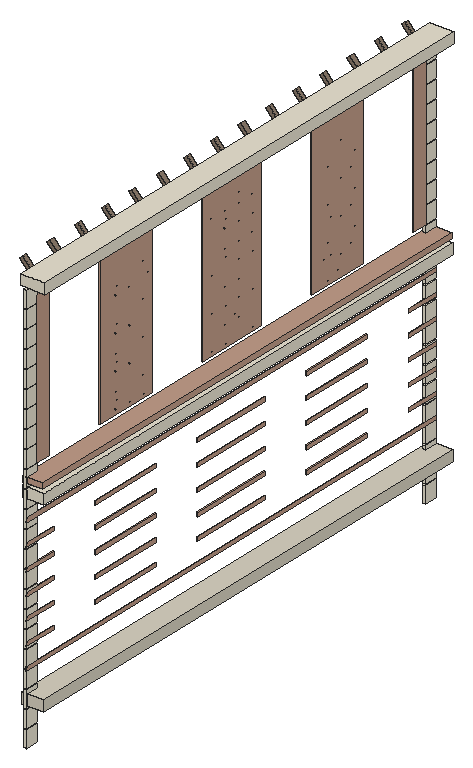
Revit family "AM_Detail_04_Hidden_side__HYPOTHESIS", category Generic Models, Revit 2025
Family settings
  Can host rebar = No
  Round Connector Dimension = Use Diameter
  Part Type = Normal
  Work Plane-Based = No
  Always vertical = Yes
  Cut with Voids When Loaded = No
  Maintain Annotation Orientation = No
  Shared = No
  Room Calculation Point = No
Parameters (values of type "Original geometry")
  Description = "AM v1.0.0 architectural ornament. Editable native extrusion sketches; fixed photographic geometry. Not a structural wall/window/roof substitute."
  Default Elevation = 0 mm
Reference planes
  plane 1 "Center (Front/Back)": y = 0
  plane 2: z = 0
  plane 3 "Center (Left/Right)": x = 0
Forms (mm)
  Extrusion 1, solid, material "AM Warm limestone - fine pores"
    sketch origin (-7110, 6000, 1025) x (1, 0, 0) y (0, 1, 0)
      loop
        line (0, 0) -> (-0.001, -12000) -> (499.999, -12000) -> (500, 0) -> (0, 0)
    from 0 to 250
  Extrusion 2, solid, material "AM Ivory carved stone"
    sketch origin (-7105, 6000, 5380) x (1, 0, 0) y (0, 1, 0)
      loop
        line (0, 0) -> (0, -12000) -> (490, -12000) -> (490, 0) -> (0, 0)
    from 0 to 240
  Extrusion 3, solid, material "AM Faded terracotta masonry"
    sketch origin (-7090, 6000, 5705) x (1, 0, 0) y (0, 1, 0)
      loop
        line (0, 0) -> (-0.001, -12000) -> (459.999, -12000) -> (460, 0) -> (0, 0)
    from 0 to 130
  Extrusion 4, solid, material "AM Ivory carved stone"
    sketch origin (-7135, 6000, 9815) x (1, 0, 0) y (0, 1, 0)
      loop
        line (0, 0) -> (0, -12000) -> (549.999, -12000) -> (550, 0) -> (0, 0)
    from 0 to 250
  Extrusion 5, solid, material "AM Faded terracotta masonry"
    sketch origin (-7022, 6000, 1757.5) x (1, 0, 0) y (0, 1, 0)
      loop
        line (0, 0) -> (0, -12000) -> (20, -12000) -> (20, 0) -> (0, 0)
    from 0 to 85
  Extrusion 6, solid, material "AM Faded terracotta masonry"
    sketch origin (-7022, 6000, 2277.5) x (1, 0, 0) y (0, 1, 0)
      loop
        line (0, 0) -> (0, -780) -> (20, -780) -> (20, 0) -> (0, 0)
    from 0 to 85
  Extrusion 7, solid, material "AM Faded terracotta masonry"
    sketch origin (-7022, 3980, 2277.5) x (1, 0, 0) y (0, 1, 0)
      loop
        line (0, 0) -> (0, -1760) -> (20, -1760) -> (20, 0) -> (0, 0)
    from 0 to 85
  Extrusion 8, solid, material "AM Faded terracotta masonry"
    sketch origin (-7022, 980, 2277.5) x (1, 0, 0) y (0, 1, 0)
      loop
        line (0, 0) -> (0, -1960) -> (20, -1960) -> (20, 0) -> (0, 0)
    from 0 to 85
  Extrusion 9, solid, material "AM Faded terracotta masonry"
    sketch origin (-7022, -2220, 2277.5) x (1, 0, 0) y (0, 1, 0)
      loop
        line (0, 0) -> (0, -1760) -> (20, -1760) -> (20, 0) -> (0, 0)
    from 0 to 85
  Extrusion 10, solid, material "AM Faded terracotta masonry"
    sketch origin (-7022, -5220, 2277.5) x (1, 0, 0) y (0, 1, 0)
      loop
        line (0, 0) -> (0, -780) -> (20, -780) -> (20, 0) -> (0, 0)
    from 0 to 85
  Extrusion 11, solid, material "AM Faded terracotta masonry"
    sketch origin (-7022, 6000, 2797.5) x (1, 0, 0) y (0, 1, 0)
      loop
        line (0, 0) -> (0, -780) -> (20, -780) -> (20, 0) -> (0, 0)
    from 0 to 85
  Extrusion 12, solid, material "AM Faded terracotta masonry"
    sketch origin (-7022, 3980, 2797.5) x (1, 0, 0) y (0, 1, 0)
      loop
        line (0, 0) -> (0, -1760) -> (20, -1760) -> (20, 0) -> (0, 0)
    from 0 to 85
  Extrusion 13, solid, material "AM Faded terracotta masonry"
    sketch origin (-7022, 980, 2797.5) x (1, 0, 0) y (0, 1, 0)
      loop
        line (0, 0) -> (0, -1960) -> (20, -1960) -> (20, 0) -> (0, 0)
    from 0 to 85
  Extrusion 14, solid, material "AM Faded terracotta masonry"
    sketch origin (-7022, -2220, 2797.5) x (1, 0, 0) y (0, 1, 0)
      loop
        line (0, 0) -> (0, -1760) -> (20, -1760) -> (20, 0) -> (0, 0)
    from 0 to 85
  Extrusion 15, solid, material "AM Faded terracotta masonry"
    sketch origin (-7022, -5220, 2797.5) x (1, 0, 0) y (0, 1, 0)
      loop
        line (0, 0) -> (0, -780) -> (20, -780) -> (20, 0) -> (0, 0)
    from 0 to 85
  Extrusion 16, solid, material "AM Faded terracotta masonry"
    sketch origin (-7022, 6000, 3317.5) x (1, 0, 0) y (0, 1, 0)
      loop
        line (0, 0) -> (0, -780) -> (20, -780) -> (20, 0) -> (0, 0)
    from 0 to 85
  Extrusion 17, solid, material "AM Faded terracotta masonry"
    sketch origin (-7022, 3980, 3317.5) x (1, 0, 0) y (0, 1, 0)
      loop
        line (0, 0) -> (0, -1760) -> (20, -1760) -> (20, 0) -> (0, 0)
    from 0 to 85
  Extrusion 18, solid, material "AM Faded terracotta masonry"
    sketch origin (-7022, 980, 3317.5) x (1, 0, 0) y (0, 1, 0)
      loop
        line (0, 0) -> (0, -1960) -> (20, -1960) -> (20, 0) -> (0, 0)
    from 0 to 85
  Extrusion 19, solid, material "AM Faded terracotta masonry"
    sketch origin (-7022, -2220, 3317.5) x (1, 0, 0) y (0, 1, 0)
      loop
        line (0, 0) -> (0, -1760) -> (20, -1760) -> (20, 0) -> (0, 0)
    from 0 to 85
  Extrusion 20, solid, material "AM Faded terracotta masonry"
    sketch origin (-7022, -5220, 3317.5) x (1, 0, 0) y (0, 1, 0)
      loop
        line (0, 0) -> (0, -780) -> (20, -780) -> (20, 0) -> (0, 0)
    from 0 to 85
  Extrusion 21, solid, material "AM Faded terracotta masonry"
    sketch origin (-7022, 6000, 3837.5) x (1, 0, 0) y (0, 1, 0)
      loop
        line (0, 0) -> (0, -780) -> (20, -780) -> (20, 0) -> (0, 0)
    from 0 to 85
  Extrusion 22, solid, material "AM Faded terracotta masonry"
    sketch origin (-7022, 3980, 3837.5) x (1, 0, 0) y (0, 1, 0)
      loop
        line (0, 0) -> (0, -1760) -> (20, -1760) -> (20, 0) -> (0, 0)
    from 0 to 85
  Extrusion 23, solid, material "AM Faded terracotta masonry"
    sketch origin (-7022, 980, 3837.5) x (1, 0, 0) y (0, 1, 0)
      loop
        line (0, 0) -> (0, -1960) -> (20, -1960) -> (20, 0) -> (0, 0)
    from 0 to 85
  Extrusion 24, solid, material "AM Faded terracotta masonry"
    sketch origin (-7022, -2220, 3837.5) x (1, 0, 0) y (0, 1, 0)
      loop
        line (0, 0) -> (0, -1760) -> (20, -1760) -> (20, 0) -> (0, 0)
    from 0 to 85
  Extrusion 25, solid, material "AM Faded terracotta masonry"
    sketch origin (-7022, -5220, 3837.5) x (1, 0, 0) y (0, 1, 0)
      loop
        line (0, 0) -> (0, -780) -> (20, -780) -> (20, 0) -> (0, 0)
    from 0 to 85
  Extrusion 26, solid, material "AM Faded terracotta masonry"
    sketch origin (-7022, 6000, 4357.5) x (1, 0, 0) y (0, 1, 0)
      loop
        line (0, 0) -> (0, -780) -> (20, -780) -> (20, 0) -> (0, 0)
    from 0 to 85
  Extrusion 27, solid, material "AM Faded terracotta masonry"
    sketch origin (-7022, 3980, 4357.5) x (1, 0, 0) y (0, 1, 0)
      loop
        line (0, 0) -> (0, -1760) -> (20, -1760) -> (20, 0) -> (0, 0)
    from 0 to 85
  Extrusion 28, solid, material "AM Faded terracotta masonry"
    sketch origin (-7022, 980, 4357.5) x (1, 0, 0) y (0, 1, 0)
      loop
        line (0, 0) -> (0, -1960) -> (20, -1960) -> (20, 0) -> (0, 0)
    from 0 to 85
  Extrusion 29, solid, material "AM Faded terracotta masonry"
    sketch origin (-7022, -2220, 4357.5) x (1, 0, 0) y (0, 1, 0)
      loop
        line (0, 0) -> (0, -1760) -> (20, -1760) -> (20, 0) -> (0, 0)
    from 0 to 85
  Extrusion 30, solid, material "AM Faded terracotta masonry"
    sketch origin (-7022, -5220, 4357.5) x (1, 0, 0) y (0, 1, 0)
      loop
        line (0, 0) -> (0, -780) -> (20, -780) -> (20, 0) -> (0, 0)
    from 0 to 85
  Extrusion 31, solid, material "AM Faded terracotta masonry"
    sketch origin (-7022, 6000, 4877.5) x (1, 0, 0) y (0, 1, 0)
      loop
        line (0, 0) -> (0, -12000) -> (20, -12000) -> (20, 0) -> (0, 0)
    from 0 to 85
  Extrusion 32, solid, material "AM Ivory carved stone"
    sketch origin (-7065, 6000, 125) x (1, 0, 0) y (0, 1, 0)
      loop
        line (0, 0) -> (0, -300) -> (60, -300) -> (60, 0) -> (0, 0)
    from 0 to 390
  Extrusion 33, solid, material "AM Ivory carved stone"
    sketch origin (-7065, 6000, 545) x (1, 0, 0) y (0, 1, 0)
      loop
        line (0, 0) -> (0, -300) -> (60, -300) -> (60, 0) -> (0, 0)
    from 0 to 390
  Extrusion 34, solid, material "AM Ivory carved stone"
    sketch origin (-7065, 6000, 965) x (1, 0, 0) y (0, 1, 0)
      loop
        line (0, 0) -> (0, -300) -> (60, -300) -> (60, 0) -> (0, 0)
    from 0 to 390
  Extrusion 35, solid, material "AM Ivory carved stone"
    sketch origin (-7065, 6000, 1385) x (1, 0, 0) y (0, 1, 0)
      loop
        line (0, 0) -> (0, -300) -> (60, -300) -> (60, 0) -> (0, 0)
    from 0 to 390
  Extrusion 36, solid, material "AM Ivory carved stone"
    sketch origin (-7065, 6000, 1805) x (1, 0, 0) y (0, 1, 0)
      loop
        line (0, 0) -> (0, -300) -> (60, -300) -> (60, 0) -> (0, 0)
    from 0 to 390
  Extrusion 37, solid, material "AM Ivory carved stone"
    sketch origin (-7065, 6000, 2225) x (1, 0, 0) y (0, 1, 0)
      loop
        line (0, 0) -> (0, -300) -> (60, -300) -> (60, 0) -> (0, 0)
    from 0 to 390
  Extrusion 38, solid, material "AM Ivory carved stone"
    sketch origin (-7065, 6000, 2645) x (1, 0, 0) y (0, 1, 0)
      loop
        line (0, 0) -> (0, -300) -> (60, -300) -> (60, 0) -> (0, 0)
    from 0 to 390
  Extrusion 39, solid, material "AM Ivory carved stone"
    sketch origin (-7065, 6000, 3065) x (1, 0, 0) y (0, 1, 0)
      loop
        line (0, 0) -> (0, -300) -> (60, -300) -> (60, 0) -> (0, 0)
    from 0 to 390
  Extrusion 40, solid, material "AM Ivory carved stone"
    sketch origin (-7065, 6000, 3485) x (1, 0, 0) y (0, 1, 0)
      loop
        line (0, 0) -> (0, -300) -> (60, -300) -> (60, 0) -> (0, 0)
    from 0 to 390
  Extrusion 41, solid, material "AM Ivory carved stone"
    sketch origin (-7065, 6000, 3905) x (1, 0, 0) y (0, 1, 0)
      loop
        line (0, 0) -> (0, -300) -> (60, -300) -> (60, 0) -> (0, 0)
    from 0 to 390
  Extrusion 42, solid, material "AM Ivory carved stone"
    sketch origin (-7065, 6000, 4325) x (1, 0, 0) y (0, 1, 0)
      loop
        line (0, 0) -> (0, -300) -> (60, -300) -> (60, 0) -> (0, 0)
    from 0 to 390
  Extrusion 43, solid, material "AM Ivory carved stone"
    sketch origin (-7065, 6000, 4745) x (1, 0, 0) y (0, 1, 0)
      loop
        line (0, 0) -> (0, -300) -> (60, -300) -> (60, 0) -> (0, 0)
    from 0 to 390
  Extrusion 44, solid, material "AM Ivory carved stone"
    sketch origin (-7065, 6000, 5165) x (1, 0, 0) y (0, 1, 0)
      loop
        line (0, 0) -> (0, -300) -> (60, -300) -> (60, 0) -> (0, 0)
    from 0 to 390
  Extrusion 45, solid, material "AM Ivory carved stone"
    sketch origin (-7065, 6000, 5585) x (1, 0, 0) y (0, 1, 0)
      loop
        line (0, 0) -> (0, -300) -> (60, -300) -> (60, 0) -> (0, 0)
    from 0 to 390
  Extrusion 46, solid, material "AM Ivory carved stone"
    sketch origin (-7065, 6000, 6005) x (1, 0, 0) y (0, 1, 0)
      loop
        line (0, 0) -> (0, -300) -> (60, -300) -> (60, 0) -> (0, 0)
    from 0 to 390
  Extrusion 47, solid, material "AM Ivory carved stone"
    sketch origin (-7065, 6000, 6425) x (1, 0, 0) y (0, 1, 0)
      loop
        line (0, 0) -> (0, -300) -> (60, -300) -> (60, 0) -> (0, 0)
    from 0 to 390
  Extrusion 48, solid, material "AM Ivory carved stone"
    sketch origin (-7065, 6000, 6845) x (1, 0, 0) y (0, 1, 0)
      loop
        line (0, 0) -> (0, -300) -> (60, -300) -> (60, 0) -> (0, 0)
    from 0 to 390
  Extrusion 49, solid, material "AM Ivory carved stone"
    sketch origin (-7065, 6000, 7265) x (1, 0, 0) y (0, 1, 0)
      loop
        line (0, 0) -> (0, -300) -> (60, -300) -> (60, 0) -> (0, 0)
    from 0 to 390
  Extrusion 50, solid, material "AM Ivory carved stone"
    sketch origin (-7065, 6000, 7685) x (1, 0, 0) y (0, 1, 0)
      loop
        line (0, 0) -> (0, -300) -> (60, -300) -> (60, 0) -> (0, 0)
    from 0 to 390
  Extrusion 51, solid, material "AM Ivory carved stone"
    sketch origin (-7065, 6000, 8105) x (1, 0, 0) y (0, 1, 0)
      loop
        line (0, 0) -> (0, -300) -> (60, -300) -> (60, 0) -> (0, 0)
    from 0 to 389.999
  Extrusion 52, solid, material "AM Ivory carved stone"
    sketch origin (-7065, 6000, 8525.001) x (1, 0, 0) y (0, 1, 0)
      loop
        line (0, 0) -> (0, -300) -> (60, -300) -> (60, 0) -> (0, 0)
    from 0 to 389.999
  Extrusion 53, solid, material "AM Ivory carved stone"
    sketch origin (-7065, 6000, 8945.001) x (1, 0, 0) y (0, 1, 0)
      loop
        line (0, 0) -> (0, -300) -> (60, -300) -> (60, 0) -> (0, 0)
    from 0 to 389.999
  Extrusion 54, solid, material "AM Ivory carved stone"
    sketch origin (-7065, 6000, 9365.001) x (1, 0, 0) y (0, 1, 0)
      loop
        line (0, 0) -> (0, -300) -> (60, -300) -> (60, 0) -> (0, 0)
    from 0 to 389.999
  Extrusion 55, solid, material "AM Ivory carved stone"
    sketch origin (-7065, -5700, 125) x (1, 0, 0) y (0, 1, 0)
      loop
        line (0, 0) -> (0, -300) -> (60, -300) -> (60, 0) -> (0, 0)
    from 0 to 390
  Extrusion 56, solid, material "AM Ivory carved stone"
    sketch origin (-7065, -5700, 545) x (1, 0, 0) y (0, 1, 0)
      loop
        line (0, 0) -> (0, -300) -> (60, -300) -> (60, 0) -> (0, 0)
    from 0 to 390
  Extrusion 57, solid, material "AM Ivory carved stone"
    sketch origin (-7065, -5700, 965) x (1, 0, 0) y (0, 1, 0)
      loop
        line (0, 0) -> (0, -300) -> (60, -300) -> (60, 0) -> (0, 0)
    from 0 to 390
  Extrusion 58, solid, material "AM Ivory carved stone"
    sketch origin (-7065, -5700, 1385) x (1, 0, 0) y (0, 1, 0)
      loop
        line (0, 0) -> (0, -300) -> (60, -300) -> (60, 0) -> (0, 0)
    from 0 to 390
  Extrusion 59, solid, material "AM Ivory carved stone"
    sketch origin (-7065, -5700, 1805) x (1, 0, 0) y (0, 1, 0)
      loop
        line (0, 0) -> (0, -300) -> (60, -300) -> (60, 0) -> (0, 0)
    from 0 to 390
  Extrusion 60, solid, material "AM Ivory carved stone"
    sketch origin (-7065, -5700, 2225) x (1, 0, 0) y (0, 1, 0)
      loop
        line (0, 0) -> (0, -300) -> (60, -300) -> (60, 0) -> (0, 0)
    from 0 to 390
  Extrusion 61, solid, material "AM Ivory carved stone"
    sketch origin (-7065, -5700, 2645) x (1, 0, 0) y (0, 1, 0)
      loop
        line (0, 0) -> (0, -300) -> (60, -300) -> (60, 0) -> (0, 0)
    from 0 to 390
  Extrusion 62, solid, material "AM Ivory carved stone"
    sketch origin (-7065, -5700, 3065) x (1, 0, 0) y (0, 1, 0)
      loop
        line (0, 0) -> (0, -300) -> (60, -300) -> (60, 0) -> (0, 0)
    from 0 to 390
  Extrusion 63, solid, material "AM Ivory carved stone"
    sketch origin (-7065, -5700, 3485) x (1, 0, 0) y (0, 1, 0)
      loop
        line (0, 0) -> (0, -300) -> (60, -300) -> (60, 0) -> (0, 0)
    from 0 to 390
  Extrusion 64, solid, material "AM Ivory carved stone"
    sketch origin (-7065, -5700, 3905) x (1, 0, 0) y (0, 1, 0)
      loop
        line (0, 0) -> (0, -300) -> (60, -300) -> (60, 0) -> (0, 0)
    from 0 to 390
  Extrusion 65, solid, material "AM Ivory carved stone"
    sketch origin (-7065, -5700, 4325) x (1, 0, 0) y (0, 1, 0)
      loop
        line (0, 0) -> (0, -300) -> (60, -300) -> (60, 0) -> (0, 0)
    from 0 to 390
  Extrusion 66, solid, material "AM Ivory carved stone"
    sketch origin (-7065, -5700, 4745) x (1, 0, 0) y (0, 1, 0)
      loop
        line (0, 0) -> (0, -300) -> (60, -300) -> (60, 0) -> (0, 0)
    from 0 to 390
  Extrusion 67, solid, material "AM Ivory carved stone"
    sketch origin (-7065, -5700, 5165) x (1, 0, 0) y (0, 1, 0)
      loop
        line (0, 0) -> (0, -300) -> (60, -300) -> (60, 0) -> (0, 0)
    from 0 to 390
  Extrusion 68, solid, material "AM Ivory carved stone"
    sketch origin (-7065, -5700, 5585) x (1, 0, 0) y (0, 1, 0)
      loop
        line (0, 0) -> (0, -300) -> (60, -300) -> (60, 0) -> (0, 0)
    from 0 to 390
  Extrusion 69, solid, material "AM Ivory carved stone"
    sketch origin (-7065, -5700, 6005) x (1, 0, 0) y (0, 1, 0)
      loop
        line (0, 0) -> (0, -300) -> (60, -300) -> (60, 0) -> (0, 0)
    from 0 to 390
  Extrusion 70, solid, material "AM Ivory carved stone"
    sketch origin (-7065, -5700, 6425) x (1, 0, 0) y (0, 1, 0)
      loop
        line (0, 0) -> (0, -300) -> (60, -300) -> (60, 0) -> (0, 0)
    from 0 to 390
  Extrusion 71, solid, material "AM Ivory carved stone"
    sketch origin (-7065, -5700, 6845) x (1, 0, 0) y (0, 1, 0)
      loop
        line (0, 0) -> (0, -300) -> (60, -300) -> (60, 0) -> (0, 0)
    from 0 to 390
  Extrusion 72, solid, material "AM Ivory carved stone"
    sketch origin (-7065, -5700, 7265) x (1, 0, 0) y (0, 1, 0)
      loop
        line (0, 0) -> (0, -300) -> (60, -300) -> (60, 0) -> (0, 0)
    from 0 to 390
  Extrusion 73, solid, material "AM Ivory carved stone"
    sketch origin (-7065, -5700, 7685) x (1, 0, 0) y (0, 1, 0)
      loop
        line (0, 0) -> (0, -300) -> (60, -300) -> (60, 0) -> (0, 0)
    from 0 to 390
  Extrusion 74, solid, material "AM Ivory carved stone"
    sketch origin (-7065, -5700, 8105) x (1, 0, 0) y (0, 1, 0)
      loop
        line (0, 0) -> (0, -300) -> (60, -300) -> (60, 0) -> (0, 0)
    from 0 to 389.999
  Extrusion 75, solid, material "AM Ivory carved stone"
    sketch origin (-7065, -5700, 8525.001) x (1, 0, 0) y (0, 1, 0)
      loop
        line (0, 0) -> (0, -300) -> (60, -300) -> (60, 0) -> (0, 0)
    from 0 to 389.999
  Extrusion 76, solid, material "AM Ivory carved stone"
    sketch origin (-7065, -5700, 8945.001) x (1, 0, 0) y (0, 1, 0)
      loop
        line (0, 0) -> (0, -300) -> (60, -300) -> (60, 0) -> (0, 0)
    from 0 to 389.999
  Extrusion 77, solid, material "AM Ivory carved stone"
    sketch origin (-7065, -5700, 9365.001) x (1, 0, 0) y (0, 1, 0)
      loop
        line (0, 0) -> (0, -300) -> (60, -300) -> (60, 0) -> (0, 0)
    from 0 to 389.999
  Extrusion 78, solid, material "AM Aged chestnut timber"
    sketch origin (-7034.653, 5697.5, 9607.513) x (0.729542, 0, 0.683936) y (0, 1, 0)
      loop
        line (0, 0) -> (0, -95) -> (95, -95) -> (95, 0) -> (0, 0)
    from 0 to 657.951
  Extrusion 79, solid, material "AM Aged chestnut timber"
    sketch origin (-7034.653, 4897.5, 9607.513) x (0.729542, 0, 0.683936) y (0, 1, 0)
      loop
        line (0, 0) -> (0, -95) -> (95, -95) -> (95, 0) -> (0, 0)
    from 0 to 657.951
  Extrusion 80, solid, material "AM Aged chestnut timber"
    sketch origin (-7034.653, 4097.5, 9607.513) x (0.729542, 0, 0.683936) y (0, 1, 0)
      loop
        line (0, 0) -> (0, -95) -> (95, -95) -> (95, 0) -> (0, 0)
    from 0 to 657.951
  Extrusion 81, solid, material "AM Aged chestnut timber"
    sketch origin (-7034.653, 3297.5, 9607.513) x (0.729542, 0, 0.683936) y (0, 1, 0)
      loop
        line (0, 0) -> (0, -95) -> (95, -95) -> (95, 0) -> (0, 0)
    from 0 to 657.951
  Extrusion 82, solid, material "AM Aged chestnut timber"
    sketch origin (-7034.653, 2497.5, 9607.513) x (0.729542, 0, 0.683936) y (0, 1, 0)
      loop
        line (0, 0) -> (0, -95) -> (95, -95) -> (95, 0) -> (0, 0)
    from 0 to 657.951
  Extrusion 83, solid, material "AM Aged chestnut timber"
    sketch origin (-7034.653, 1697.5, 9607.513) x (0.729542, 0, 0.683936) y (0, 1, 0)
      loop
        line (0, 0) -> (0, -95) -> (95, -95) -> (95, 0) -> (0, 0)
    from 0 to 657.951
  Extrusion 84, solid, material "AM Aged chestnut timber"
    sketch origin (-7034.653, 897.5, 9607.513) x (0.729542, 0, 0.683936) y (0, 1, 0)
      loop
        line (0, 0) -> (0, -95) -> (95, -95) -> (95, 0) -> (0, 0)
    from 0 to 657.951
  Extrusion 85, solid, material "AM Aged chestnut timber"
    sketch origin (-7034.653, 97.5, 9607.513) x (0.729542, 0, 0.683936) y (0, 1, 0)
      loop
        line (0, 0) -> (0, -95) -> (95, -95) -> (95, 0) -> (0, 0)
    from 0 to 657.951
  Extrusion 86, solid, material "AM Aged chestnut timber"
    sketch origin (-7034.653, -702.5, 9607.513) x (0.729542, 0, 0.683936) y (0, 1, 0)
      loop
        line (0, 0) -> (0, -95) -> (95, -95) -> (95, 0) -> (0, 0)
    from 0 to 657.951
  Extrusion 87, solid, material "AM Aged chestnut timber"
    sketch origin (-7034.653, -1502.5, 9607.513) x (0.729542, 0, 0.683936) y (0, 1, 0)
      loop
        line (0, 0) -> (0, -95) -> (95, -95) -> (95, 0) -> (0, 0)
    from 0 to 657.951
  Extrusion 88, solid, material "AM Aged chestnut timber"
    sketch origin (-7034.653, -2302.5, 9607.513) x (0.729542, 0, 0.683936) y (0, 1, 0)
      loop
        line (0, 0) -> (0, -95) -> (95, -95) -> (95, 0) -> (0, 0)
    from 0 to 657.951
  Extrusion 89, solid, material "AM Aged chestnut timber"
    sketch origin (-7034.653, -3102.5, 9607.513) x (0.729542, 0, 0.683936) y (0, 1, 0)
      loop
        line (0, 0) -> (0, -95) -> (95, -95) -> (95, 0) -> (0, 0)
    from 0 to 657.951
  Extrusion 90, solid, material "AM Aged chestnut timber"
    sketch origin (-7034.653, -3902.5, 9607.513) x (0.729542, 0, 0.683936) y (0, 1, 0)
      loop
        line (0, 0) -> (0, -95) -> (95, -95) -> (95, 0) -> (0, 0)
    from 0 to 657.951
  Extrusion 91, solid, material "AM Aged chestnut timber"
    sketch origin (-7034.653, -4702.5, 9607.513) x (0.729542, 0, 0.683936) y (0, 1, 0)
      loop
        line (0, 0) -> (0, -95) -> (95, -95) -> (95, 0) -> (0, 0)
    from 0 to 657.951
  Extrusion 92, solid, material "AM Aged chestnut timber"
    sketch origin (-7034.653, -5502.5, 9607.513) x (0.729542, 0, 0.683936) y (0, 1, 0)
      loop
        line (0, 0) -> (0, -95) -> (95, -95) -> (95, 0) -> (0, 0)
    from 0 to 657.951
  Extrusion 93, solid, material "AM Faded terracotta masonry"
    sketch origin (-7022.5, 5700, 6000) x (1, 0, 0) y (0, 1, 0)
      loop
        line (0, 0) -> (0, -340) -> (25, -340) -> (25, 0) -> (0, 0)
    from 0 to 3550
  Extrusion 94, solid, material "AM Faded terracotta masonry"
    sketch origin (-7022.5, 3850, 6000) x (1, 0, 0) y (0, 1, 0)
      loop
        line (0, 0) -> (0, -1500) -> (25, -1500) -> (25, 0) -> (0, 0)
    from 0 to 3550
  Extrusion 95, solid, material "AM Ivory carved stone"
    sketch origin (-7031, 3650, 6385) x (0, 1, 0) y (0, 0, 1)
      loop
        line (0, 0) -> (-165, -165) -> (0, -330) -> (165, -165) -> (0, 0)
    from 0 to 9
  Extrusion 96, solid, material "AM Ivory carved stone"
    sketch origin (-7031, 3760, 6275) x (0, 1, 0) y (0, 0, 1)
      loop
        line (0, 0) -> (-55, -55) -> (0, -110) -> (55, -55) -> (0, 0)
    from 0 to 9
  Extrusion 97, solid, material "AM Ivory carved stone"
    sketch origin (-7031, 3540, 6275) x (0, 1, 0) y (0, 0, 1)
      loop
        line (0, 0) -> (-55, -55) -> (0, -110) -> (55, -55) -> (0, 0)
    from 0 to 9
  Extrusion 98, solid, material "AM Ivory carved stone"
    sketch origin (-7031, 3650, 6165) x (0, 1, 0) y (0, 0, 1)
      loop
        line (0, 0) -> (-55, -55) -> (0, -110) -> (55, -55) -> (0, 0)
    from 0 to 9
  Extrusion 99, solid, material "AM Ivory carved stone"
    sketch origin (-7031, 3650, 6385) x (0, 1, 0) y (0, 0, 1)
      loop
        line (0, 0) -> (-55, -55) -> (0, -110) -> (55, -55) -> (0, 0)
    from 0 to 9
  Extrusion 100, solid, material "AM Ivory carved stone"
    sketch origin (-7031, 3250, 6385) x (0, 1, 0) y (0, 0, 1)
      loop
        line (0, 0) -> (-165, -165) -> (0, -330) -> (165, -165) -> (0, 0)
    from 0 to 9
  Extrusion 101, solid, material "AM Ivory carved stone"
    sketch origin (-7031, 3360, 6275) x (0, 1, 0) y (0, 0, 1)
      loop
        line (0, 0) -> (-55, -55) -> (0, -110) -> (55, -55) -> (0, 0)
    from 0 to 9
  Extrusion 102, solid, material "AM Ivory carved stone"
    sketch origin (-7031, 3140, 6275) x (0, 1, 0) y (0, 0, 1)
      loop
        line (0, 0) -> (-55, -55) -> (0, -110) -> (55, -55) -> (0, 0)
    from 0 to 9
  Extrusion 103, solid, material "AM Ivory carved stone"
    sketch origin (-7031, 3250, 6165) x (0, 1, 0) y (0, 0, 1)
      loop
        line (0, 0) -> (-55, -55) -> (0, -110) -> (55, -55) -> (0, 0)
    from 0 to 9
  Extrusion 104, solid, material "AM Ivory carved stone"
    sketch origin (-7031, 3250, 6385) x (0, 1, 0) y (0, 0, 1)
      loop
        line (0, 0) -> (-55, -55) -> (0, -110) -> (55, -55) -> (0, 0)
    from 0 to 9
  Extrusion 105, solid, material "AM Ivory carved stone"
    sketch origin (-7031, 2850, 6385) x (0, 1, 0) y (0, 0, 1)
      loop
        line (0, 0) -> (-165, -165) -> (0, -330) -> (165, -165) -> (0, 0)
    from 0 to 9
  Extrusion 106, solid, material "AM Ivory carved stone"
    sketch origin (-7031, 2960, 6275) x (0, 1, 0) y (0, 0, 1)
      loop
        line (0, 0) -> (-55, -55) -> (0, -110) -> (55, -55) -> (0, 0)
    from 0 to 9
  Extrusion 107, solid, material "AM Ivory carved stone"
    sketch origin (-7031, 2740, 6275) x (0, 1, 0) y (0, 0, 1)
      loop
        line (0, 0) -> (-55, -55) -> (0, -110) -> (55, -55) -> (0, 0)
    from 0 to 9
  Extrusion 108, solid, material "AM Ivory carved stone"
    sketch origin (-7031, 2850, 6165) x (0, 1, 0) y (0, 0, 1)
      loop
        line (0, 0) -> (-55, -55) -> (0, -110) -> (55, -55) -> (0, 0)
    from 0 to 9
  Extrusion 109, solid, material "AM Ivory carved stone"
    sketch origin (-7031, 2850, 6385) x (0, 1, 0) y (0, 0, 1)
      loop
        line (0, 0) -> (-55, -55) -> (0, -110) -> (55, -55) -> (0, 0)
    from 0 to 9
  Extrusion 110, solid, material "AM Ivory carved stone"
    sketch origin (-7031, 3630, 6785) x (0, 1, 0) y (0, 0, 1)
      loop
        line (0, 0) -> (-165, -165) -> (0, -330) -> (165, -165) -> (0, 0)
    from 0 to 9
  Extrusion 111, solid, material "AM Ivory carved stone"
    sketch origin (-7031, 3740, 6675) x (0, 1, 0) y (0, 0, 1)
      loop
        line (0, 0) -> (-55, -55) -> (0, -110) -> (55, -55) -> (0, 0)
    from 0 to 9
  Extrusion 112, solid, material "AM Ivory carved stone"
    sketch origin (-7031, 3520, 6675) x (0, 1, 0) y (0, 0, 1)
      loop
        line (0, 0) -> (-55, -55) -> (0, -110) -> (55, -55) -> (0, 0)
    from 0 to 9
  Extrusion 113, solid, material "AM Ivory carved stone"
    sketch origin (-7031, 3630, 6565) x (0, 1, 0) y (0, 0, 1)
      loop
        line (0, 0) -> (-55, -55) -> (0, -110) -> (55, -55) -> (0, 0)
    from 0 to 9
  Extrusion 114, solid, material "AM Ivory carved stone"
    sketch origin (-7031, 3630, 6785) x (0, 1, 0) y (0, 0, 1)
      loop
        line (0, 0) -> (-55, -55) -> (0, -110) -> (55, -55) -> (0, 0)
    from 0 to 9
  Extrusion 115, solid, material "AM Ivory carved stone"
    sketch origin (-7031, 3230, 6785) x (0, 1, 0) y (0, 0, 1)
      loop
        line (0, 0) -> (-165, -165) -> (0, -330) -> (165, -165) -> (0, 0)
    from 0 to 9
  Extrusion 116, solid, material "AM Ivory carved stone"
    sketch origin (-7031, 3340, 6675) x (0, 1, 0) y (0, 0, 1)
      loop
        line (0, 0) -> (-55, -55) -> (0, -110) -> (55, -55) -> (0, 0)
    from 0 to 9
  Extrusion 117, solid, material "AM Ivory carved stone"
    sketch origin (-7031, 3120, 6675) x (0, 1, 0) y (0, 0, 1)
      loop
        line (0, 0) -> (-55, -55) -> (0, -110) -> (55, -55) -> (0, 0)
    from 0 to 9
  Extrusion 118, solid, material "AM Ivory carved stone"
    sketch origin (-7031, 3230, 6565) x (0, 1, 0) y (0, 0, 1)
      loop
        line (0, 0) -> (-55, -55) -> (0, -110) -> (55, -55) -> (0, 0)
    from 0 to 9
  Extrusion 119, solid, material "AM Ivory carved stone"
    sketch origin (-7031, 3230, 6785) x (0, 1, 0) y (0, 0, 1)
      loop
        line (0, 0) -> (-55, -55) -> (0, -110) -> (55, -55) -> (0, 0)
    from 0 to 9
  Extrusion 120, solid, material "AM Ivory carved stone"
    sketch origin (-7031, 2830, 6785) x (0, 1, 0) y (0, 0, 1)
      loop
        line (0, 0) -> (-165, -165) -> (0, -330) -> (165, -165) -> (0, 0)
    from 0 to 9
  Extrusion 121, solid, material "AM Ivory carved stone"
    sketch origin (-7031, 2940, 6675) x (0, 1, 0) y (0, 0, 1)
      loop
        line (0, 0) -> (-55, -55) -> (0, -110) -> (55, -55) -> (0, 0)
    from 0 to 9
  Extrusion 122, solid, material "AM Ivory carved stone"
    sketch origin (-7031, 2720, 6675) x (0, 1, 0) y (0, 0, 1)
      loop
        line (0, 0) -> (-55, -55) -> (0, -110) -> (55, -55) -> (0, 0)
    from 0 to 9
  Extrusion 123, solid, material "AM Ivory carved stone"
    sketch origin (-7031, 2830, 6565) x (0, 1, 0) y (0, 0, 1)
      loop
        line (0, 0) -> (-55, -55) -> (0, -110) -> (55, -55) -> (0, 0)
    from 0 to 9
  Extrusion 124, solid, material "AM Ivory carved stone"
    sketch origin (-7031, 2830, 6785) x (0, 1, 0) y (0, 0, 1)
      loop
        line (0, 0) -> (-55, -55) -> (0, -110) -> (55, -55) -> (0, 0)
    from 0 to 9
  Extrusion 125, solid, material "AM Ivory carved stone"
    sketch origin (-7031, 3650, 7185) x (0, 1, 0) y (0, 0, 1)
      loop
        line (0, 0) -> (-165, -165) -> (0, -330) -> (165, -165) -> (0, 0)
    from 0 to 9
  Extrusion 126, solid, material "AM Ivory carved stone"
    sketch origin (-7031, 3760, 7075) x (0, 1, 0) y (0, 0, 1)
      loop
        line (0, 0) -> (-55, -55) -> (0, -110) -> (55, -55) -> (0, 0)
    from 0 to 9
  Extrusion 127, solid, material "AM Ivory carved stone"
    sketch origin (-7031, 3540, 7075) x (0, 1, 0) y (0, 0, 1)
      loop
        line (0, 0) -> (-55, -55) -> (0, -110) -> (55, -55) -> (0, 0)
    from 0 to 9
  Extrusion 128, solid, material "AM Ivory carved stone"
    sketch origin (-7031, 3650, 6965) x (0, 1, 0) y (0, 0, 1)
      loop
        line (0, 0) -> (-55, -55) -> (0, -110) -> (55, -55) -> (0, 0)
    from 0 to 9
  Extrusion 129, solid, material "AM Ivory carved stone"
    sketch origin (-7031, 3650, 7185) x (0, 1, 0) y (0, 0, 1)
      loop
        line (0, 0) -> (-55, -55) -> (0, -110) -> (55, -55) -> (0, 0)
    from 0 to 9
  Extrusion 130, solid, material "AM Ivory carved stone"
    sketch origin (-7031, 3250, 7185) x (0, 1, 0) y (0, 0, 1)
      loop
        line (0, 0) -> (-165, -165) -> (0, -330) -> (165, -165) -> (0, 0)
    from 0 to 9
  Extrusion 131, solid, material "AM Ivory carved stone"
    sketch origin (-7031, 3360, 7075) x (0, 1, 0) y (0, 0, 1)
      loop
        line (0, 0) -> (-55, -55) -> (0, -110) -> (55, -55) -> (0, 0)
    from 0 to 9
  Extrusion 132, solid, material "AM Ivory carved stone"
    sketch origin (-7031, 3140, 7075) x (0, 1, 0) y (0, 0, 1)
      loop
        line (0, 0) -> (-55, -55) -> (0, -110) -> (55, -55) -> (0, 0)
    from 0 to 9
  Extrusion 133, solid, material "AM Ivory carved stone"
    sketch origin (-7031, 3250, 6965) x (0, 1, 0) y (0, 0, 1)
      loop
        line (0, 0) -> (-55, -55) -> (0, -110) -> (55, -55) -> (0, 0)
    from 0 to 9
  Extrusion 134, solid, material "AM Ivory carved stone"
    sketch origin (-7031, 3250, 7185) x (0, 1, 0) y (0, 0, 1)
      loop
        line (0, 0) -> (-55, -55) -> (0, -110) -> (55, -55) -> (0, 0)
    from 0 to 9
  Extrusion 135, solid, material "AM Ivory carved stone"
    sketch origin (-7031, 2850, 7185) x (0, 1, 0) y (0, 0, 1)
      loop
        line (0, 0) -> (-165, -165) -> (0, -330) -> (165, -165) -> (0, 0)
    from 0 to 9
  Extrusion 136, solid, material "AM Ivory carved stone"
    sketch origin (-7031, 2960, 7075) x (0, 1, 0) y (0, 0, 1)
      loop
        line (0, 0) -> (-55, -55) -> (0, -110) -> (55, -55) -> (0, 0)
    from 0 to 9
  Extrusion 137, solid, material "AM Ivory carved stone"
    sketch origin (-7031, 2740, 7075) x (0, 1, 0) y (0, 0, 1)
      loop
        line (0, 0) -> (-55, -55) -> (0, -110) -> (55, -55) -> (0, 0)
    from 0 to 9
  Extrusion 138, solid, material "AM Ivory carved stone"
    sketch origin (-7031, 2850, 6965) x (0, 1, 0) y (0, 0, 1)
      loop
        line (0, 0) -> (-55, -55) -> (0, -110) -> (55, -55) -> (0, 0)
    from 0 to 9
  Extrusion 139, solid, material "AM Ivory carved stone"
    sketch origin (-7031, 2850, 7185) x (0, 1, 0) y (0, 0, 1)
      loop
        line (0, 0) -> (-55, -55) -> (0, -110) -> (55, -55) -> (0, 0)
    from 0 to 9
  Extrusion 140, solid, material "AM Ivory carved stone"
    sketch origin (-7031, 3630, 7585) x (0, 1, 0) y (0, 0, 1)
      loop
        line (0, 0) -> (-165, -165) -> (0, -330) -> (165, -165) -> (0, 0)
    from 0 to 9
  Extrusion 141, solid, material "AM Ivory carved stone"
    sketch origin (-7031, 3740, 7475) x (0, 1, 0) y (0, 0, 1)
      loop
        line (0, 0) -> (-55, -55) -> (0, -110) -> (55, -55) -> (0, 0)
    from 0 to 9
  Extrusion 142, solid, material "AM Ivory carved stone"
    sketch origin (-7031, 3520, 7475) x (0, 1, 0) y (0, 0, 1)
      loop
        line (0, 0) -> (-55, -55) -> (0, -110) -> (55, -55) -> (0, 0)
    from 0 to 9
  Extrusion 143, solid, material "AM Ivory carved stone"
    sketch origin (-7031, 3630, 7365) x (0, 1, 0) y (0, 0, 1)
      loop
        line (0, 0) -> (-55, -55) -> (0, -110) -> (55, -55) -> (0, 0)
    from 0 to 9
  Extrusion 144, solid, material "AM Ivory carved stone"
    sketch origin (-7031, 3630, 7585) x (0, 1, 0) y (0, 0, 1)
      loop
        line (0, 0) -> (-55, -55) -> (0, -110) -> (55, -55) -> (0, 0)
    from 0 to 9
  Extrusion 145, solid, material "AM Ivory carved stone"
    sketch origin (-7031, 3230, 7585) x (0, 1, 0) y (0, 0, 1)
      loop
        line (0, 0) -> (-165, -165) -> (0, -330) -> (165, -165) -> (0, 0)
    from 0 to 9
  Extrusion 146, solid, material "AM Ivory carved stone"
    sketch origin (-7031, 3340, 7475) x (0, 1, 0) y (0, 0, 1)
      loop
        line (0, 0) -> (-55, -55) -> (0, -110) -> (55, -55) -> (0, 0)
    from 0 to 9
  Extrusion 147, solid, material "AM Ivory carved stone"
    sketch origin (-7031, 3120, 7475) x (0, 1, 0) y (0, 0, 1)
      loop
        line (0, 0) -> (-55, -55) -> (0, -110) -> (55, -55) -> (0, 0)
    from 0 to 9
  Extrusion 148, solid, material "AM Ivory carved stone"
    sketch origin (-7031, 3230, 7365) x (0, 1, 0) y (0, 0, 1)
      loop
        line (0, 0) -> (-55, -55) -> (0, -110) -> (55, -55) -> (0, 0)
    from 0 to 9
  Extrusion 149, solid, material "AM Ivory carved stone"
    sketch origin (-7031, 3230, 7585) x (0, 1, 0) y (0, 0, 1)
      loop
        line (0, 0) -> (-55, -55) -> (0, -110) -> (55, -55) -> (0, 0)
    from 0 to 9
  Extrusion 150, solid, material "AM Ivory carved stone"
    sketch origin (-7031, 2830, 7585) x (0, 1, 0) y (0, 0, 1)
      loop
        line (0, 0) -> (-165, -165) -> (0, -330) -> (165, -165) -> (0, 0)
    from 0 to 9
  Extrusion 151, solid, material "AM Ivory carved stone"
    sketch origin (-7031, 2940, 7475) x (0, 1, 0) y (0, 0, 1)
      loop
        line (0, 0) -> (-55, -55) -> (0, -110) -> (55, -55) -> (0, 0)
    from 0 to 9
  Extrusion 152, solid, material "AM Ivory carved stone"
    sketch origin (-7031, 2720, 7475) x (0, 1, 0) y (0, 0, 1)
      loop
        line (0, 0) -> (-55, -55) -> (0, -110) -> (55, -55) -> (0, 0)
    from 0 to 9
  Extrusion 153, solid, material "AM Ivory carved stone"
    sketch origin (-7031, 2830, 7365) x (0, 1, 0) y (0, 0, 1)
      loop
        line (0, 0) -> (-55, -55) -> (0, -110) -> (55, -55) -> (0, 0)
    from 0 to 9
  Extrusion 154, solid, material "AM Ivory carved stone"
    sketch origin (-7031, 2830, 7585) x (0, 1, 0) y (0, 0, 1)
      loop
        line (0, 0) -> (-55, -55) -> (0, -110) -> (55, -55) -> (0, 0)
    from 0 to 9
  Extrusion 155, solid, material "AM Ivory carved stone"
    sketch origin (-7031, 3650, 7985) x (0, 1, 0) y (0, 0, 1)
      loop
        line (0, 0) -> (-165, -165) -> (0, -330) -> (165, -165) -> (0, 0)
    from 0 to 9
  Extrusion 156, solid, material "AM Ivory carved stone"
    sketch origin (-7031, 3760, 7875) x (0, 1, 0) y (0, 0, 1)
      loop
        line (0, 0) -> (-55, -55) -> (0, -110) -> (55, -55) -> (0, 0)
    from 0 to 9
  Extrusion 157, solid, material "AM Ivory carved stone"
    sketch origin (-7031, 3540, 7875) x (0, 1, 0) y (0, 0, 1)
      loop
        line (0, 0) -> (-55, -55) -> (0, -110) -> (55, -55) -> (0, 0)
    from 0 to 9
  Extrusion 158, solid, material "AM Ivory carved stone"
    sketch origin (-7031, 3650, 7765) x (0, 1, 0) y (0, 0, 1)
      loop
        line (0, 0) -> (-55, -55) -> (0, -110) -> (55, -55) -> (0, 0)
    from 0 to 9
  Extrusion 159, solid, material "AM Ivory carved stone"
    sketch origin (-7031, 3650, 7985) x (0, 1, 0) y (0, 0, 1)
      loop
        line (0, 0) -> (-55, -55) -> (0, -110) -> (55, -55) -> (0, 0)
    from 0 to 9
  Extrusion 160, solid, material "AM Ivory carved stone"
    sketch origin (-7031, 3250, 7985) x (0, 1, 0) y (0, 0, 1)
      loop
        line (0, 0) -> (-165, -165) -> (0, -330) -> (165, -165) -> (0, 0)
    from 0 to 9
  Extrusion 161, solid, material "AM Ivory carved stone"
    sketch origin (-7031, 3360, 7875) x (0, 1, 0) y (0, 0, 1)
      loop
        line (0, 0) -> (-55, -55) -> (0, -110) -> (55, -55) -> (0, 0)
    from 0 to 9
  Extrusion 162, solid, material "AM Ivory carved stone"
    sketch origin (-7031, 3140, 7875) x (0, 1, 0) y (0, 0, 1)
      loop
        line (0, 0) -> (-55, -55) -> (0, -110) -> (55, -55) -> (0, 0)
    from 0 to 9
  Extrusion 163, solid, material "AM Ivory carved stone"
    sketch origin (-7031, 3250, 7765) x (0, 1, 0) y (0, 0, 1)
      loop
        line (0, 0) -> (-55, -55) -> (0, -110) -> (55, -55) -> (0, 0)
    from 0 to 9
  Extrusion 164, solid, material "AM Ivory carved stone"
    sketch origin (-7031, 3250, 7985) x (0, 1, 0) y (0, 0, 1)
      loop
        line (0, 0) -> (-55, -55) -> (0, -110) -> (55, -55) -> (0, 0)
    from 0 to 9
  Extrusion 165, solid, material "AM Ivory carved stone"
    sketch origin (-7031, 2850, 7985) x (0, 1, 0) y (0, 0, 1)
      loop
        line (0, 0) -> (-165, -165) -> (0, -330) -> (165, -165) -> (0, 0)
    from 0 to 9
  Extrusion 166, solid, material "AM Ivory carved stone"
    sketch origin (-7031, 2960, 7875) x (0, 1, 0) y (0, 0, 1)
      loop
        line (0, 0) -> (-55, -55) -> (0, -110) -> (55, -55) -> (0, 0)
    from 0 to 9
  Extrusion 167, solid, material "AM Ivory carved stone"
    sketch origin (-7031, 2740, 7875) x (0, 1, 0) y (0, 0, 1)
      loop
        line (0, 0) -> (-55, -55) -> (0, -110) -> (55, -55) -> (0, 0)
    from 0 to 9
  Extrusion 168, solid, material "AM Ivory carved stone"
    sketch origin (-7031, 2850, 7765) x (0, 1, 0) y (0, 0, 1)
      loop
        line (0, 0) -> (-55, -55) -> (0, -110) -> (55, -55) -> (0, 0)
    from 0 to 9
  Extrusion 169, solid, material "AM Ivory carved stone"
    sketch origin (-7031, 2850, 7985) x (0, 1, 0) y (0, 0, 1)
      loop
        line (0, 0) -> (-55, -55) -> (0, -110) -> (55, -55) -> (0, 0)
    from 0 to 9
  Extrusion 170, solid, material "AM Ivory carved stone"
    sketch origin (-7031, 3630, 8385) x (0, 1, 0) y (0, 0, 1)
      loop
        line (0, 0) -> (-165, -165) -> (0, -330) -> (165, -165) -> (0, 0)
    from 0 to 9
  Extrusion 171, solid, material "AM Ivory carved stone"
    sketch origin (-7031, 3740, 8275) x (0, 1, 0) y (0, 0, 1)
      loop
        line (0, 0) -> (-55, -54.999) -> (0, -110) -> (55, -54.999) -> (0, 0)
    from 0 to 9
  Extrusion 172, solid, material "AM Ivory carved stone"
    sketch origin (-7031, 3520, 8275) x (0, 1, 0) y (0, 0, 1)
      loop
        line (0, 0) -> (-55, -54.999) -> (0, -110) -> (55, -54.999) -> (0, 0)
    from 0 to 9
  Extrusion 173, solid, material "AM Ivory carved stone"
    sketch origin (-7031, 3630, 8165) x (0, 1, 0) y (0, 0, 1)
      loop
        line (0, 0) -> (-55, -55) -> (0, -110) -> (55, -55) -> (0, 0)
    from 0 to 9
  Extrusion 174, solid, material "AM Ivory carved stone"
    sketch origin (-7031, 3630, 8385) x (0, 1, 0) y (0, 0, 1)
      loop
        line (0, 0) -> (-55, -55) -> (0, -110.001) -> (55, -55) -> (0, 0)
    from 0 to 9
  Extrusion 175, solid, material "AM Ivory carved stone"
    sketch origin (-7031, 3230, 8385) x (0, 1, 0) y (0, 0, 1)
      loop
        line (0, 0) -> (-165, -165) -> (0, -330) -> (165, -165) -> (0, 0)
    from 0 to 9
  Extrusion 176, solid, material "AM Ivory carved stone"
    sketch origin (-7031, 3340, 8275) x (0, 1, 0) y (0, 0, 1)
      loop
        line (0, 0) -> (-55, -54.999) -> (0, -110) -> (55, -54.999) -> (0, 0)
    from 0 to 9
  Extrusion 177, solid, material "AM Ivory carved stone"
    sketch origin (-7031, 3120, 8275) x (0, 1, 0) y (0, 0, 1)
      loop
        line (0, 0) -> (-55, -54.999) -> (0, -110) -> (55, -54.999) -> (0, 0)
    from 0 to 9
  Extrusion 178, solid, material "AM Ivory carved stone"
    sketch origin (-7031, 3230, 8165) x (0, 1, 0) y (0, 0, 1)
      loop
        line (0, 0) -> (-55, -55) -> (0, -110) -> (55, -55) -> (0, 0)
    from 0 to 9
  Extrusion 179, solid, material "AM Ivory carved stone"
    sketch origin (-7031, 3230, 8385) x (0, 1, 0) y (0, 0, 1)
      loop
        line (0, 0) -> (-55, -55) -> (0, -110.001) -> (55, -55) -> (0, 0)
    from 0 to 9
  Extrusion 180, solid, material "AM Ivory carved stone"
    sketch origin (-7031, 2830, 8385) x (0, 1, 0) y (0, 0, 1)
      loop
        line (0, 0) -> (-165, -165) -> (0, -330) -> (165, -165) -> (0, 0)
    from 0 to 9
  Extrusion 181, solid, material "AM Ivory carved stone"
    sketch origin (-7031, 2940, 8275) x (0, 1, 0) y (0, 0, 1)
      loop
        line (0, 0) -> (-55, -54.999) -> (0, -110) -> (55, -54.999) -> (0, 0)
    from 0 to 9
  Extrusion 182, solid, material "AM Ivory carved stone"
    sketch origin (-7031, 2720, 8275) x (0, 1, 0) y (0, 0, 1)
      loop
        line (0, 0) -> (-55, -54.999) -> (0, -110) -> (55, -54.999) -> (0, 0)
    from 0 to 9
  Extrusion 183, solid, material "AM Ivory carved stone"
    sketch origin (-7031, 2830, 8165) x (0, 1, 0) y (0, 0, 1)
      loop
        line (0, 0) -> (-55, -55) -> (0, -110) -> (55, -55) -> (0, 0)
    from 0 to 9
  Extrusion 184, solid, material "AM Ivory carved stone"
    sketch origin (-7031, 2830, 8385) x (0, 1, 0) y (0, 0, 1)
      loop
        line (0, 0) -> (-55, -55) -> (0, -110.001) -> (55, -55) -> (0, 0)
    from 0 to 9
  Extrusion 185, solid, material "AM Ivory carved stone"
    sketch origin (-7031, 3650, 8785) x (0, 1, 0) y (0, 0, 1)
      loop
        line (0, 0) -> (-165, -165) -> (0, -330) -> (165, -165) -> (0, 0)
    from 0 to 9
  Extrusion 186, solid, material "AM Ivory carved stone"
    sketch origin (-7031, 3760, 8675) x (0, 1, 0) y (0, 0, 1)
      loop
        line (0, 0) -> (-55, -55) -> (0, -110.001) -> (55, -55) -> (0, 0)
    from 0 to 9
  Extrusion 187, solid, material "AM Ivory carved stone"
    sketch origin (-7031, 3540, 8675) x (0, 1, 0) y (0, 0, 1)
      loop
        line (0, 0) -> (-55, -55) -> (0, -110.001) -> (55, -55) -> (0, 0)
    from 0 to 9
  Extrusion 188, solid, material "AM Ivory carved stone"
    sketch origin (-7031, 3650, 8565) x (0, 1, 0) y (0, 0, 1)
      loop
        line (0, 0) -> (-55, -54.999) -> (0, -110) -> (55, -54.999) -> (0, 0)
    from 0 to 9
  Extrusion 189, solid, material "AM Ivory carved stone"
    sketch origin (-7031, 3650, 8785) x (0, 1, 0) y (0, 0, 1)
      loop
        line (0, 0) -> (-55, -55) -> (0, -110) -> (55, -55) -> (0, 0)
    from 0 to 9
  Extrusion 190, solid, material "AM Ivory carved stone"
    sketch origin (-7031, 3250, 8785) x (0, 1, 0) y (0, 0, 1)
      loop
        line (0, 0) -> (-165, -165) -> (0, -330) -> (165, -165) -> (0, 0)
    from 0 to 9
  Extrusion 191, solid, material "AM Ivory carved stone"
    sketch origin (-7031, 3360, 8675) x (0, 1, 0) y (0, 0, 1)
      loop
        line (0, 0) -> (-55, -55) -> (0, -110.001) -> (55, -55) -> (0, 0)
    from 0 to 9
  Extrusion 192, solid, material "AM Ivory carved stone"
    sketch origin (-7031, 3140, 8675) x (0, 1, 0) y (0, 0, 1)
      loop
        line (0, 0) -> (-55, -55) -> (0, -110.001) -> (55, -55) -> (0, 0)
    from 0 to 9
  Extrusion 193, solid, material "AM Ivory carved stone"
    sketch origin (-7031, 3250, 8565) x (0, 1, 0) y (0, 0, 1)
      loop
        line (0, 0) -> (-55, -54.999) -> (0, -110) -> (55, -54.999) -> (0, 0)
    from 0 to 9
  Extrusion 194, solid, material "AM Ivory carved stone"
    sketch origin (-7031, 3250, 8785) x (0, 1, 0) y (0, 0, 1)
      loop
        line (0, 0) -> (-55, -55) -> (0, -110) -> (55, -55) -> (0, 0)
    from 0 to 9
  Extrusion 195, solid, material "AM Ivory carved stone"
    sketch origin (-7031, 2850, 8785) x (0, 1, 0) y (0, 0, 1)
      loop
        line (0, 0) -> (-165, -165) -> (0, -330) -> (165, -165) -> (0, 0)
    from 0 to 9
  Extrusion 196, solid, material "AM Ivory carved stone"
    sketch origin (-7031, 2960, 8675) x (0, 1, 0) y (0, 0, 1)
      loop
        line (0, 0) -> (-55, -55) -> (0, -110.001) -> (55, -55) -> (0, 0)
    from 0 to 9
  Extrusion 197, solid, material "AM Ivory carved stone"
    sketch origin (-7031, 2740, 8675) x (0, 1, 0) y (0, 0, 1)
      loop
        line (0, 0) -> (-55, -55) -> (0, -110.001) -> (55, -55) -> (0, 0)
    from 0 to 9
  Extrusion 198, solid, material "AM Ivory carved stone"
    sketch origin (-7031, 2850, 8565) x (0, 1, 0) y (0, 0, 1)
      loop
        line (0, 0) -> (-55, -54.999) -> (0, -110) -> (55, -54.999) -> (0, 0)
    from 0 to 9
  Extrusion 199, solid, material "AM Ivory carved stone"
    sketch origin (-7031, 2850, 8785) x (0, 1, 0) y (0, 0, 1)
      loop
        line (0, 0) -> (-55, -55) -> (0, -110) -> (55, -55) -> (0, 0)
    from 0 to 9
  Extrusion 200, solid, material "AM Ivory carved stone"
    sketch origin (-7031, 3630, 9185) x (0, 1, 0) y (0, 0, 1)
      loop
        line (0, 0) -> (-165, -165) -> (0, -330.001) -> (165, -165) -> (0, 0)
    from 0 to 9
  Extrusion 201, solid, material "AM Ivory carved stone"
    sketch origin (-7031, 3740, 9075) x (0, 1, 0) y (0, 0, 1)
      loop
        line (0, 0) -> (-55, -54.999) -> (0, -110) -> (55, -54.999) -> (0, 0)
    from 0 to 9
  Extrusion 202, solid, material "AM Ivory carved stone"
    sketch origin (-7031, 3520, 9075) x (0, 1, 0) y (0, 0, 1)
      loop
        line (0, 0) -> (-55, -54.999) -> (0, -110) -> (55, -54.999) -> (0, 0)
    from 0 to 9
  Extrusion 203, solid, material "AM Ivory carved stone"
    sketch origin (-7031, 3630, 8965) x (0, 1, 0) y (0, 0, 1)
      loop
        line (0, 0) -> (-55, -55) -> (0, -110.001) -> (55, -55) -> (0, 0)
    from 0 to 9
  Extrusion 204, solid, material "AM Ivory carved stone"
    sketch origin (-7031, 3630, 9185) x (0, 1, 0) y (0, 0, 1)
      loop
        line (0, 0) -> (-55, -55) -> (0, -110.001) -> (55, -55) -> (0, 0)
    from 0 to 9
  Extrusion 205, solid, material "AM Ivory carved stone"
    sketch origin (-7031, 3230, 9185) x (0, 1, 0) y (0, 0, 1)
      loop
        line (0, 0) -> (-165, -165) -> (0, -330.001) -> (165, -165) -> (0, 0)
    from 0 to 9
  Extrusion 206, solid, material "AM Ivory carved stone"
    sketch origin (-7031, 3340, 9075) x (0, 1, 0) y (0, 0, 1)
      loop
        line (0, 0) -> (-55, -54.999) -> (0, -110) -> (55, -54.999) -> (0, 0)
    from 0 to 9
  Extrusion 207, solid, material "AM Ivory carved stone"
    sketch origin (-7031, 3120, 9075) x (0, 1, 0) y (0, 0, 1)
      loop
        line (0, 0) -> (-55, -54.999) -> (0, -110) -> (55, -54.999) -> (0, 0)
    from 0 to 9
  Extrusion 208, solid, material "AM Ivory carved stone"
    sketch origin (-7031, 3230, 8965) x (0, 1, 0) y (0, 0, 1)
      loop
        line (0, 0) -> (-55, -55) -> (0, -110.001) -> (55, -55) -> (0, 0)
    from 0 to 9
  Extrusion 209, solid, material "AM Ivory carved stone"
    sketch origin (-7031, 3230, 9185) x (0, 1, 0) y (0, 0, 1)
      loop
        line (0, 0) -> (-55, -55) -> (0, -110.001) -> (55, -55) -> (0, 0)
    from 0 to 9
  Extrusion 210, solid, material "AM Ivory carved stone"
    sketch origin (-7031, 2830, 9185) x (0, 1, 0) y (0, 0, 1)
      loop
        line (0, 0) -> (-165, -165) -> (0, -330.001) -> (165, -165) -> (0, 0)
    from 0 to 9
  Extrusion 211, solid, material "AM Ivory carved stone"
    sketch origin (-7031, 2940, 9075) x (0, 1, 0) y (0, 0, 1)
      loop
        line (0, 0) -> (-55, -54.999) -> (0, -110) -> (55, -54.999) -> (0, 0)
    from 0 to 9
  Extrusion 212, solid, material "AM Ivory carved stone"
    sketch origin (-7031, 2720, 9075) x (0, 1, 0) y (0, 0, 1)
      loop
        line (0, 0) -> (-55, -54.999) -> (0, -110) -> (55, -54.999) -> (0, 0)
    from 0 to 9
  Extrusion 213, solid, material "AM Ivory carved stone"
    sketch origin (-7031, 2830, 8965) x (0, 1, 0) y (0, 0, 1)
      loop
        line (0, 0) -> (-55, -55) -> (0, -110.001) -> (55, -55) -> (0, 0)
    from 0 to 9
  Extrusion 214, solid, material "AM Ivory carved stone"
    sketch origin (-7031, 2830, 9185) x (0, 1, 0) y (0, 0, 1)
      loop
        line (0, 0) -> (-55, -55) -> (0, -110.001) -> (55, -55) -> (0, 0)
    from 0 to 9
  Extrusion 215, solid, material "AM Faded terracotta masonry"
    sketch origin (-7022.5, 850, 6000) x (1, 0, 0) y (0, 1, 0)
      loop
        line (0, 0) -> (0, -1700) -> (25, -1700) -> (25, 0) -> (0, 0)
    from 0 to 3550
  Extrusion 216, solid, material "AM Ivory carved stone"
    sketch origin (-7031, 650, 6385) x (0, 1, 0) y (0, 0, 1)
      loop
        line (0, 0) -> (-165, -165) -> (0, -330) -> (165, -165) -> (0, 0)
    from 0 to 9
  Extrusion 217, solid, material "AM Ivory carved stone"
    sketch origin (-7031, 760, 6275) x (0, 1, 0) y (0, 0, 1)
      loop
        line (0, 0) -> (-55, -55) -> (0, -110) -> (55, -55) -> (0, 0)
    from 0 to 9
  Extrusion 218, solid, material "AM Ivory carved stone"
    sketch origin (-7031, 540, 6275) x (0, 1, 0) y (0, 0, 1)
      loop
        line (0, 0) -> (-55, -55) -> (0, -110) -> (55, -55) -> (0, 0)
    from 0 to 9
  Extrusion 219, solid, material "AM Ivory carved stone"
    sketch origin (-7031, 650, 6165) x (0, 1, 0) y (0, 0, 1)
      loop
        line (0, 0) -> (-55, -55) -> (0, -110) -> (55, -55) -> (0, 0)
    from 0 to 9
  Extrusion 220, solid, material "AM Ivory carved stone"
    sketch origin (-7031, 650, 6385) x (0, 1, 0) y (0, 0, 1)
      loop
        line (0, 0) -> (-55, -55) -> (0, -110) -> (55, -55) -> (0, 0)
    from 0 to 9
  Extrusion 221, solid, material "AM Ivory carved stone"
    sketch origin (-7031, 250, 6385) x (0, 1, 0) y (0, 0, 1)
      loop
        line (0, 0) -> (-165, -165) -> (0, -330) -> (165, -165) -> (0, 0)
    from 0 to 9
  Extrusion 222, solid, material "AM Ivory carved stone"
    sketch origin (-7031, 360, 6275) x (0, 1, 0) y (0, 0, 1)
      loop
        line (0, 0) -> (-55, -55) -> (0, -110) -> (55, -55) -> (0, 0)
    from 0 to 9
  Extrusion 223, solid, material "AM Ivory carved stone"
    sketch origin (-7031, 140, 6275) x (0, 1, 0) y (0, 0, 1)
      loop
        line (0, 0) -> (-55, -55) -> (0, -110) -> (55, -55) -> (0, 0)
    from 0 to 9
  Extrusion 224, solid, material "AM Ivory carved stone"
    sketch origin (-7031, 250, 6165) x (0, 1, 0) y (0, 0, 1)
      loop
        line (0, 0) -> (-55, -55) -> (0, -110) -> (55, -55) -> (0, 0)
    from 0 to 9
  Extrusion 225, solid, material "AM Ivory carved stone"
    sketch origin (-7031, 250, 6385) x (0, 1, 0) y (0, 0, 1)
      loop
        line (0, 0) -> (-55, -55) -> (0, -110) -> (55, -55) -> (0, 0)
    from 0 to 9
  Extrusion 226, solid, material "AM Ivory carved stone"
    sketch origin (-7031, -150, 6385) x (0, 1, 0) y (0, 0, 1)
      loop
        line (0, 0) -> (-165, -165) -> (0, -330) -> (165, -165) -> (0, 0)
    from 0 to 9
  Extrusion 227, solid, material "AM Ivory carved stone"
    sketch origin (-7031, -40, 6275) x (0, 1, 0) y (0, 0, 1)
      loop
        line (0, 0) -> (-55, -55) -> (0, -110) -> (55, -55) -> (0, 0)
    from 0 to 9
  Extrusion 228, solid, material "AM Ivory carved stone"
    sketch origin (-7031, -260, 6275) x (0, 1, 0) y (0, 0, 1)
      loop
        line (0, 0) -> (-55, -55) -> (0, -110) -> (55, -55) -> (0, 0)
    from 0 to 9
  Extrusion 229, solid, material "AM Ivory carved stone"
    sketch origin (-7031, -150, 6165) x (0, 1, 0) y (0, 0, 1)
      loop
        line (0, 0) -> (-55, -55) -> (0, -110) -> (55, -55) -> (0, 0)
    from 0 to 9
  Extrusion 230, solid, material "AM Ivory carved stone"
    sketch origin (-7031, -150, 6385) x (0, 1, 0) y (0, 0, 1)
      loop
        line (0, 0) -> (-55, -55) -> (0, -110) -> (55, -55) -> (0, 0)
    from 0 to 9
  Extrusion 231, solid, material "AM Ivory carved stone"
    sketch origin (-7031, -550, 6385) x (0, 1, 0) y (0, 0, 1)
      loop
        line (0, 0) -> (-165, -165) -> (0, -330) -> (165, -165) -> (0, 0)
    from 0 to 9
  Extrusion 232, solid, material "AM Ivory carved stone"
    sketch origin (-7031, -440, 6275) x (0, 1, 0) y (0, 0, 1)
      loop
        line (0, 0) -> (-55, -55) -> (0, -110) -> (55, -55) -> (0, 0)
    from 0 to 9
  Extrusion 233, solid, material "AM Ivory carved stone"
    sketch origin (-7031, -660, 6275) x (0, 1, 0) y (0, 0, 1)
      loop
        line (0, 0) -> (-55, -55) -> (0, -110) -> (55, -55) -> (0, 0)
    from 0 to 9
  Extrusion 234, solid, material "AM Ivory carved stone"
    sketch origin (-7031, -550, 6165) x (0, 1, 0) y (0, 0, 1)
      loop
        line (0, 0) -> (-55, -55) -> (0, -110) -> (55, -55) -> (0, 0)
    from 0 to 9
  Extrusion 235, solid, material "AM Ivory carved stone"
    sketch origin (-7031, -550, 6385) x (0, 1, 0) y (0, 0, 1)
      loop
        line (0, 0) -> (-55, -55) -> (0, -110) -> (55, -55) -> (0, 0)
    from 0 to 9
  Extrusion 236, solid, material "AM Ivory carved stone"
    sketch origin (-7031, 630, 6785) x (0, 1, 0) y (0, 0, 1)
      loop
        line (0, 0) -> (-165, -165) -> (0, -330) -> (165, -165) -> (0, 0)
    from 0 to 9
  Extrusion 237, solid, material "AM Ivory carved stone"
    sketch origin (-7031, 740, 6675) x (0, 1, 0) y (0, 0, 1)
      loop
        line (0, 0) -> (-55, -55) -> (0, -110) -> (55, -55) -> (0, 0)
    from 0 to 9
  Extrusion 238, solid, material "AM Ivory carved stone"
    sketch origin (-7031, 520, 6675) x (0, 1, 0) y (0, 0, 1)
      loop
        line (0, 0) -> (-55, -55) -> (0, -110) -> (55, -55) -> (0, 0)
    from 0 to 9
  Extrusion 239, solid, material "AM Ivory carved stone"
    sketch origin (-7031, 630, 6565) x (0, 1, 0) y (0, 0, 1)
      loop
        line (0, 0) -> (-55, -55) -> (0, -110) -> (55, -55) -> (0, 0)
    from 0 to 9
  Extrusion 240, solid, material "AM Ivory carved stone"
    sketch origin (-7031, 630, 6785) x (0, 1, 0) y (0, 0, 1)
      loop
        line (0, 0) -> (-55, -55) -> (0, -110) -> (55, -55) -> (0, 0)
    from 0 to 9
  Extrusion 241, solid, material "AM Ivory carved stone"
    sketch origin (-7031, 230, 6785) x (0, 1, 0) y (0, 0, 1)
      loop
        line (0, 0) -> (-165, -165) -> (0, -330) -> (165, -165) -> (0, 0)
    from 0 to 9
  Extrusion 242, solid, material "AM Ivory carved stone"
    sketch origin (-7031, 340, 6675) x (0, 1, 0) y (0, 0, 1)
      loop
        line (0, 0) -> (-55, -55) -> (0, -110) -> (55, -55) -> (0, 0)
    from 0 to 9
  Extrusion 243, solid, material "AM Ivory carved stone"
    sketch origin (-7031, 120, 6675) x (0, 1, 0) y (0, 0, 1)
      loop
        line (0, 0) -> (-55, -55) -> (0, -110) -> (55, -55) -> (0, 0)
    from 0 to 9
  Extrusion 244, solid, material "AM Ivory carved stone"
    sketch origin (-7031, 230, 6565) x (0, 1, 0) y (0, 0, 1)
      loop
        line (0, 0) -> (-55, -55) -> (0, -110) -> (55, -55) -> (0, 0)
    from 0 to 9
